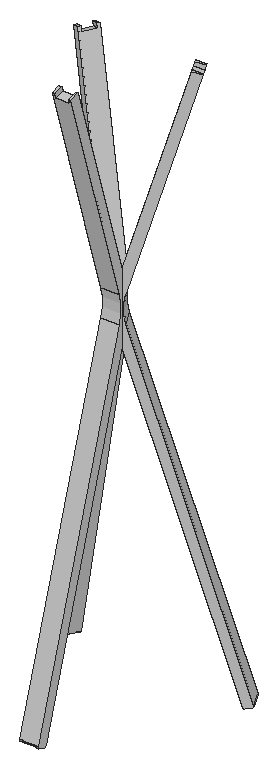
Revit family "Magnuson-HJW_Coat_Tree-11", category Furniture, Revit 2020
Family settings
  OmniClass Number = 23.40.20.00
  OmniClass Title = General Furniture and Specialties
  Work Plane-Based = No
  Always vertical = Yes
  Cut with Voids When Loaded = No
  Shared = No
  Room Calculation Point = No
Parameters (values of type "HJW")
  Width = 22 1/16"
  URL = "www.magnusongroup.com"
  Type Comments = "HJW"  # constant formula
  Salvage or Reuse = yes
  Rod Finish = MAG - Textured painted steel
  Revit Model Built By = "https://servex-us.com/servex-revit/"
  Product Documentation Link = "https://magnusongroup.com/products/coattrees.html"
  Percentage of Recycled Content = 0
  Model = "HJW"
  Manufacturer = "Magnuson Group"  # constant formula
  Low Emitting Material = yes
  Low Emitting Finish = yes
  Keynote = "12500"
  Height = 62 31/32"
  Description = "Textured painted steel coat tree"
  Depth = 19 1/8"
  Default Elevation = 0"
  Assembly Code = "E2020200"
Reference planes (in)
  plane 1 "Center Front/Back": y = 0
  plane 2: z = 0
  plane 3 "Center Left/Right": x = 0
  plane 4: y = 9.56196
  plane 5: y = -9.56196
  plane 6: x = -11.03173
  plane 7: x = 11.03173
  plane 8: z = 62.96702
Forms (in)
  Extrusion 1, solid, material "MAG - Textured painted steel" <- "Rod Finish"
    sketch origin (-0.03672, -2.78331, 0) x (0, 1, 0) y (0, 0, 1)
      loop
        line (-1.21968, 62.50877) -> (-2.16701, 62.22125) -> (4.45245, 40.41134)
        arc (4.45245, 40.41134) -> (4.67582, 38.90654) -> (4.45261, 37.40171) r 5.18234
        line (4.45261, 37.40171) -> (-6.77284, 0.40179)
        arc (-6.77284, 0.40179) -> (-6.76112, 0.28277) -> (-6.66868, 0.2069) r 0.15625
        line (-6.66868, 0.2069) -> (-6.02034, 0.01022)
        arc (-6.02034, 0.01022) -> (-5.90133, 0.02194) -> (-5.82546, 0.11438) r 0.15625
        line (-5.82546, 0.11438) -> (5.30504, 36.80133)
        arc (5.30504, 36.80133) -> (5.6173, 38.90656) -> (5.30481, 41.01176) r 7.25
        line (5.30481, 41.01176) -> (-1.21968, 62.50877)
    from -0.9898 to 1.06324
  Extrusion 2, solid, material "MAG - Textured painted steel" <- "Rod Finish"
    sketch origin (-4.62883, 5.29766, 0) x (0.866025, -0.5, 0) y (0, 0, 1)
      loop
        line (-1.21968, 62.50877) -> (-2.16701, 62.22125) -> (4.45245, 40.41134)
        arc (4.45245, 40.41134) -> (4.67582, 38.90654) -> (4.45261, 37.40171) r 5.18234
        line (4.45261, 37.40171) -> (-6.77284, 0.40179)
        arc (-6.77284, 0.40179) -> (-6.76112, 0.28277) -> (-6.66868, 0.2069) r 0.15625
        line (-6.66868, 0.2069) -> (-6.02034, 0.01022)
        arc (-6.02034, 0.01022) -> (-5.90133, 0.02194) -> (-5.82546, 0.11438) r 0.15625
        line (-5.82546, 0.11438) -> (5.30504, 36.80133)
        arc (5.30504, 36.80133) -> (5.6173, 38.90656) -> (5.30481, 41.01176) r 7.25
        line (5.30481, 41.01176) -> (-1.21968, 62.50877)
    from -0.9898 to 1.06324
  Extrusion 3, solid, material "MAG - Textured painted steel" <- "Rod Finish"
    sketch origin (4.62883, 5.29766, 0) x (-0.866025, -0.5, 0) y (0, 0, -1)
      loop
        line (-1.21968, -62.50877) -> (5.30481, -41.01176)
        arc (5.30481, -41.01176) -> (5.6173, -38.90656) -> (5.30504, -36.80133) r 7.25
        line (5.30504, -36.80133) -> (-5.82546, -0.11438)
        arc (-5.82546, -0.11438) -> (-5.90133, -0.02194) -> (-6.02034, -0.01022) r 0.15625
        line (-6.02034, -0.01022) -> (-6.66868, -0.2069)
        arc (-6.66868, -0.2069) -> (-6.76112, -0.28277) -> (-6.77284, -0.40179) r 0.15625
        line (-6.77284, -0.40179) -> (4.45261, -37.40171)
        arc (4.45261, -37.40171) -> (4.67582, -38.90654) -> (4.45245, -40.41134) r 5.18234
        line (4.45245, -40.41134) -> (-2.16701, -62.22125) -> (-1.21968, -62.50877)
    from -0.9898 to 1.06324
  Extrusion 4, void
    sketch origin (-0.02407, 0, 0) x (0, 1, 0) y (0, 0, 1)
      loop
        line (1.72894, 40.42949) -> (1.49884, 41.18765) -> (0, 41.18765) -> (0, 36.62542) -> (1.49909, 36.62542) -> (1.72911, 37.38356)
        arc (1.72911, 37.38356) -> (1.95501, 38.90654) -> (1.72894, 40.42949) r 5.24484
    from -1.35093 to 1.39907
  Extrusion 5, void
    sketch origin (-2.22474, 3.89506, 0) x (0.866025, -0.5, 0) y (0, 0, 1)
      loop
        line (1.72894, 40.42949) -> (1.49884, 41.18765) -> (0, 41.18765) -> (0, 36.62542) -> (1.49909, 36.62542) -> (1.72911, 37.38356)
        arc (1.72911, 37.38356) -> (1.95501, 38.90654) -> (1.72894, 40.42949) r 5.24484
    from -1.35093 to 1.39907
  Extrusion 6, void
    sketch origin (2.22474, 3.89506, 0) x (-0.866025, -0.5, 0) y (0, 0, -1)
      loop
        arc (1.72894, -40.42949) -> (1.95501, -38.90654) -> (1.72911, -37.38356) r 5.24484
        line (1.72911, -37.38356) -> (1.49909, -36.62542) -> (0, -36.62542) -> (0, -41.18765) -> (1.49884, -41.18765) -> (1.72894, -40.42949)
    from -1.35093 to 1.39907
  Extrusion 7, solid, material "MAG - Textured painted steel" <- "Rod Finish"
    sketch origin (0, 0, 0) x (0, 1, 0) y (0, 0, 1)
      loop
        line (-4.00299, 62.50877) -> (-4.14207, 62.96702) -> (-5.0894, 62.6795) -> (-4.95032, 62.22125) -> (-4.00299, 62.50877)
    from -1.02652 to -0.7696
  Extrusion 8, solid, material "MAG - Textured painted steel" <- "Rod Finish"
    sketch origin (0, 0, 0) x (0, 1, 0) y (0, 0, -1)
      loop
        line (-4.00299, -62.50877) -> (-4.95032, -62.22125) -> (-5.0894, -62.6795) -> (-4.14207, -62.96702) -> (-4.00299, -62.50877)
    from -1.02652 to -0.7696
  Extrusion 9, solid, material "MAG - Textured painted steel" <- "Rod Finish"
    sketch origin (-2.23677, 3.87421, 0) x (0.866025, -0.5, 0) y (0, 0, 1)
      loop
        line (-4.00299, 62.50877) -> (-4.14207, 62.96702) -> (-5.0894, 62.6795) -> (-4.95032, 62.22125) -> (-4.00299, 62.50877)
    from -1.02652 to -0.7696
  Extrusion 10, solid, material "MAG - Textured painted steel" <- "Rod Finish"
    sketch origin (-2.23677, 3.87421, 0) x (0.866025, -0.5, 0) y (0, 0, -1)
      loop
        line (-4.00299, -62.50877) -> (-4.95032, -62.22125) -> (-5.0894, -62.6795) -> (-4.14207, -62.96702) -> (-4.00299, -62.50877)
    from -1.02652 to -0.7696
  Extrusion 11, solid, material "MAG - Textured painted steel" <- "Rod Finish"
    sketch origin (2.23677, 3.87421, 0) x (-0.866025, -0.5, 0) y (0, 0, -1)
      loop
        line (-4.00299, -62.50877) -> (-4.95032, -62.22125) -> (-5.0894, -62.6795) -> (-4.14207, -62.96702) -> (-4.00299, -62.50877)
    from -1.02652 to -0.7696
  Extrusion 12, solid, material "MAG - Textured painted steel" <- "Rod Finish"
    sketch origin (2.23677, 3.87421, 0) x (-0.866025, -0.5, 0) y (0, 0, 1)
      loop
        line (-4.00299, 62.50877) -> (-4.14207, 62.96702) -> (-5.0894, 62.6795) -> (-4.95032, 62.22125) -> (-4.00299, 62.50877)
    from -1.02652 to -0.7696
Cuts and joins
  Extrusion 5, Extrusion 6 cuts Extrusion 1
  Extrusion 4, Extrusion 6 cuts Extrusion 2
  Extrusion 4, Extrusion 5 cuts Extrusion 3
  joined: Extrusion 1, Extrusion 2, Extrusion 3, Extrusion 7, Extrusion 8, Extrusion 9, Extrusion 10, Extrusion 11, Extrusion 12
Lines and regions (in)
  symbolic lines
    curve 1: line (-1.02652, -9.56196, 0) -> (-1.02652, 1.99014, 0)
    curve 2: line (1.02652, -9.56196, 0) -> (1.02652, 1.99014, 0)
    curve 3: line (-1.02652, -9.56196, 0) -> (1.02652, -9.56196, 0)
    curve 4: line (-1.02652, -4.14207, 0) -> (-0.7696, -4.14207, 0)
    curve 5: line (-1.02652, -5.0894, 0) -> (-0.7696, -5.0894, 0)
    curve 6: line (-0.7696, -5.0894, 0) -> (-0.7696, -4.00299, 0)
    curve 7: line (-0.7696, -4.00299, 0) -> (0.7696, -4.00299, 0)
    curve 8: line (-0.7696, -4.95032, 0) -> (0.7696, -4.95032, 0)
    curve 9: line (0.7696, -4.14207, 0) -> (1.02652, -4.14207, 0)
    curve 10: line (0.7696, -5.0894, 0) -> (1.02652, -5.0894, 0)
    curve 11: line (0.7696, -5.0894, 0) -> (0.7696, -4.00299, 0)
    curve 12: line (-10.00441, 9.54418, 0) -> (0, 3.76813, 0)
    curve 13: line (-11.03093, 7.76619, 0) -> (-1.02652, 1.99014, 0)
    curve 14: line (-10.00441, 9.54418, 0) -> (-11.03093, 7.76619, 0)
    curve 15: line (-5.31065, 6.83423, 0) -> (-5.43912, 6.61173, 0)
    curve 16: line (-6.13106, 7.3079, 0) -> (-6.25953, 7.0854, 0)
    curve 17: line (-6.25953, 7.0854, 0) -> (-5.31867, 6.54219, 0)
    curve 18: line (-5.31867, 6.54219, 0) -> (-6.08826, 5.20921, 0)
    curve 19: line (-6.13908, 7.01586, 0) -> (-6.90867, 5.68288, 0)
    curve 20: line (-6.20871, 5.27875, 0) -> (-6.33717, 5.05625, 0)
    curve 21: line (-7.02912, 5.75242, 0) -> (-7.15758, 5.52991, 0)
    curve 22: line (-7.02912, 5.75242, 0) -> (-6.08826, 5.20921, 0)
    curve 23: line (10.00441, 9.54418, 0) -> (0, 3.76813, 0)
    curve 24: line (11.03093, 7.76619, 0) -> (1.02652, 1.99014, 0)
    curve 25: line (10.00441, 9.54418, 0) -> (11.03093, 7.76619, 0)
    curve 26: line (5.31065, 6.83423, 0) -> (5.43912, 6.61173, 0)
    curve 27: line (6.13106, 7.3079, 0) -> (6.25953, 7.0854, 0)
    curve 28: line (6.25953, 7.0854, 0) -> (5.31867, 6.54219, 0)
    curve 29: line (5.31867, 6.54219, 0) -> (6.08826, 5.20921, 0)
    curve 30: line (6.13908, 7.01586, 0) -> (6.90867, 5.68288, 0)
    curve 31: line (6.20871, 5.27875, 0) -> (6.33717, 5.05625, 0)
    curve 32: line (7.02912, 5.75242, 0) -> (7.15758, 5.52991, 0)
    curve 33: line (7.02912, 5.75242, 0) -> (6.08826, 5.20921, 0)
    curve 34: line (0, 3.76813, 0) -> (-1.02652, 1.99014, 0)
    curve 35: line (1.02652, 1.99014, 0) -> (0, 3.76813, 0)
    curve 36: line (1.02652, 1.99014, 0) -> (-1.02652, 1.99014, 0)
Dimensions and locks (in)
  equal spacing: plane 6, plane 3 "Center Left/Right", plane 7
  plane 6 to plane 7 = 22.06346"
  equal spacing: plane 4, plane 1 "Center Front/Back", plane 5
  plane 4 to plane 5 = 19.12391"
  plane 8 to plane 2 = 62.96702"
  aligned and locked: level to plane 2
Automatic sketch dimensions
  plane 5 to Extrusion 1 sketch curve = 0.0058"
  plane 5 to Extrusion 1 sketch curve = 0.10996"
  plane 5 to Extrusion 1 sketch curve = 0.15532"
  level to Extrusion 1 sketch curve = 0.01022"
  Extrusion 1 sketch curve to Extrusion 1 sketch curve = 0.64834"
  Extrusion 1 sketch curve to Extrusion 1 sketch curve = 0.04536"
  level to Extrusion 1 sketch curve = 0.11438"
  Extrusion 1 sketch curve to Extrusion 1 sketch curve = 0.14952"  (x2)
  plane 5 to Extrusion 1 sketch curve = 4.61164"
  plane 1 "Center Front/Back" to Extrusion 1 sketch curve = 4.41601"
  Extrusion 1 sketch curve to Extrusion 1 sketch curve = 0.94733"
  Extrusion 1 sketch curve to Extrusion 1 sketch curve = 1.12618"
  Extrusion 1 sketch curve to plane 1 "Center Front/Back" = 1.66914"
  Extrusion 1 sketch curve to plane 1 "Center Front/Back" = 1.6693"
  Extrusion 1 sketch curve to Extrusion 1 sketch curve = 0.85236"
  Extrusion 1 sketch curve to Extrusion 1 sketch curve = 0.85243"
  level to Extrusion 1 sketch curve = 0.2069"
  level to Extrusion 1 sketch curve = 36.80133"
  Extrusion 1 sketch curve to Extrusion 1 sketch curve = 0.60038"
  Extrusion 1 sketch curve to Extrusion 1 sketch curve = 1.50447"
  Extrusion 1 sketch curve to Extrusion 1 sketch curve = 0.00009"
  level to Extrusion 2 sketch curve = 0.40179"
  level to Extrusion 2 sketch curve = 0.2069"
  Extrusion 2 sketch curve to Extrusion 2 sketch curve = 0.10416"
  Extrusion 2 sketch curve to Extrusion 2 sketch curve = 0.04536"  (x2)
  level to Extrusion 2 sketch curve = 0.01022"
  Extrusion 2 sketch curve to Extrusion 2 sketch curve = 0.64834"
  level to Extrusion 2 sketch curve = 0.11438"
  Extrusion 2 sketch curve to Extrusion 2 sketch curve = 0.14952"
  level to Extrusion 2 sketch curve = 62.22125"
  Extrusion 2 sketch curve to Extrusion 2 sketch curve = 4.60583"
  Extrusion 2 sketch curve to Extrusion 2 sketch curve = 0.53431"
  level to Extrusion 2 sketch curve = 62.50877"
  Extrusion 2 sketch curve to Extrusion 2 sketch curve = 0.94733"
  Extrusion 2 sketch curve to Extrusion 2 sketch curve = 1.12618"
  level to Extrusion 2 sketch curve = 40.41134"
  level to Extrusion 2 sketch curve = 37.40171"
  Extrusion 2 sketch curve to Extrusion 2 sketch curve = 0.00016"
  level to Extrusion 2 sketch curve = 41.01176"
  level to Extrusion 2 sketch curve = 36.80133"
  Extrusion 2 sketch curve to Extrusion 2 sketch curve = 0.85243"
  level to Extrusion 3 sketch curve = 0.40179"
  level to Extrusion 3 sketch curve = 0.2069"
  Extrusion 3 sketch curve to Extrusion 3 sketch curve = 0.10416"
  Extrusion 3 sketch curve to Extrusion 3 sketch curve = 0.04536"  (x2)
  level to Extrusion 3 sketch curve = 0.01022"
  Extrusion 3 sketch curve to Extrusion 3 sketch curve = 0.64834"
  level to Extrusion 3 sketch curve = 0.11438"
  Extrusion 3 sketch curve to Extrusion 3 sketch curve = 0.14952"
  level to Extrusion 3 sketch curve = 62.22125"
  Extrusion 3 sketch curve to Extrusion 3 sketch curve = 4.60583"
  Extrusion 3 sketch curve to Extrusion 3 sketch curve = 0.53431"
  level to Extrusion 3 sketch curve = 62.50877"
  Extrusion 3 sketch curve to Extrusion 3 sketch curve = 0.94733"
  Extrusion 3 sketch curve to Extrusion 3 sketch curve = 1.12618"
  level to Extrusion 3 sketch curve = 40.41134"
  level to Extrusion 3 sketch curve = 37.40171"
  Extrusion 3 sketch curve to Extrusion 3 sketch curve = 0.00016"
  level to Extrusion 3 sketch curve = 41.01176"
  level to Extrusion 3 sketch curve = 36.80133"
  Extrusion 3 sketch curve to Extrusion 3 sketch curve = 0.85243"
  Extrusion 4 sketch curve to plane 1 "Center Front/Back" = 0"
  plane 1 "Center Front/Back" to Extrusion 4 sketch curve = 3.28983"
  Extrusion 4 sketch curve to plane 1 "Center Front/Back" = 1.49884"
  Extrusion 4 sketch curve to plane 1 "Center Front/Back" = 1.49909"
  Extrusion 4 sketch curve to Extrusion 4 sketch curve = 0.23011"
  Extrusion 4 sketch curve to Extrusion 4 sketch curve = 0.23001"
  level to Extrusion 4 sketch curve = 36.62542"
  Extrusion 4 sketch curve to Extrusion 4 sketch curve = 0.75814"
  Extrusion 4 sketch curve to Extrusion 4 sketch curve = 2.28084"
  Extrusion 4 sketch curve to Extrusion 4 sketch curve = 0.75816"
  level to Extrusion 5 sketch curve = 38 29/32"
  Extrusion 5 sketch curve to Extrusion 5 sketch curve = 3.28983"
  Extrusion 5 sketch curve to Extrusion 5 sketch curve = 1.49884"
  Extrusion 5 sketch curve to Extrusion 5 sketch curve = 1.49909"
  level to Extrusion 5 sketch curve = 40.42949"
  Extrusion 5 sketch curve to Extrusion 5 sketch curve = 0.23011"
  level to Extrusion 5 sketch curve = 37.38356"
  Extrusion 5 sketch curve to Extrusion 5 sketch curve = 0.75814"
  Extrusion 5 sketch curve to Extrusion 5 sketch curve = 0.75816"
  level to Extrusion 6 sketch curve = 38 29/32"
  Extrusion 6 sketch curve to Extrusion 6 sketch curve = 3.28983"
  Extrusion 6 sketch curve to Extrusion 6 sketch curve = 1.49884"
  Extrusion 6 sketch curve to Extrusion 6 sketch curve = 1.49909"
  level to Extrusion 6 sketch curve = 40.42949"
  Extrusion 6 sketch curve to Extrusion 6 sketch curve = 0.23011"
  level to Extrusion 6 sketch curve = 37.38356"
  Extrusion 6 sketch curve to Extrusion 6 sketch curve = 0.75816"
  Extrusion 6 sketch curve to Extrusion 6 sketch curve = 0.75814"
  plane 5 to Extrusion 7 sketch curve = 4.47256"
  Extrusion 7 sketch curve to Extrusion 7 sketch curve = 0.13908"
  Extrusion 7 sketch curve to Extrusion 7 sketch curve = 0.94733"
  level to Extrusion 7 sketch curve = 62.22125"
  Extrusion 7 sketch curve to Extrusion 7 sketch curve = 0.28752"
  plane 5 to Extrusion 8 sketch curve = 4.47256"
  Extrusion 8 sketch curve to Extrusion 8 sketch curve = 0.13908"
  Extrusion 8 sketch curve to Extrusion 8 sketch curve = 0.94733"
  level to Extrusion 8 sketch curve = 62.96702"
  Extrusion 8 sketch curve to Extrusion 8 sketch curve = 0.28752"
  level to Extrusion 9 sketch curve = 62.6795"
  level to Extrusion 9 sketch curve = 62.22125"
  Extrusion 9 sketch curve to Extrusion 9 sketch curve = 0.13908"
  level to Extrusion 9 sketch curve = 62.96702"
  level to Extrusion 10 sketch curve = 62.6795"
  level to Extrusion 10 sketch curve = 62.22125"
  Extrusion 10 sketch curve to Extrusion 10 sketch curve = 0.13908"
  level to Extrusion 10 sketch curve = 62.96702"
  level to Extrusion 11 sketch curve = 62.6795"
  level to Extrusion 11 sketch curve = 62.22125"
  Extrusion 11 sketch curve to Extrusion 11 sketch curve = 0.13908"
  level to Extrusion 11 sketch curve = 62.96702"
  level to Extrusion 12 sketch curve = 62.6795"
  level to Extrusion 12 sketch curve = 62.22125"
  Extrusion 12 sketch curve to Extrusion 12 sketch curve = 0.13908"
  level to Extrusion 12 sketch curve = 62.96702"
  curve 3 to plane 5 = 0"
  curve 34 to plane 3 "Center Left/Right" = 0"
  curve 7 to plane 3 "Center Left/Right" = 0.7696"
  curve 1 to plane 3 "Center Left/Right" = 1.02652"
  curve 18 to plane 3 "Center Left/Right" = 5.31867"
  curve 22 to curve 17 = 0.7696"
  curve 17 to plane 4 = 2 61/128"
  curve 17 to curve 17 = 0.94086"
  curve 21 to curve 18 = 0.94086"
  curve 14 to plane 4 = 0.01778"
  plane 6 to curve 14 = 1.02732"
  plane 3 "Center Left/Right" to curve 7 = 0.7696"
  plane 3 "Center Left/Right" to curve 3 = 1.02652"
  plane 3 "Center Left/Right" to curve 29 = 5.31867"
  curve 28 to curve 29 = 0.7696"
  curve 28 to plane 4 = 2 61/128"
  curve 28 to curve 28 = 0.94086"
  curve 29 to curve 32 = 0.94086"
  curve 23 to plane 4 = 0.01778"
  plane 5 to curve 11 = 4.47256"
  curve 6 to curve 10 = 0"
  curve 5 to curve 6 = 1.08641"
  curve 1 to plane 1 "Center Front/Back" = 1.99014"
  curve 15 to plane 4 = 2.72772"
  curve 19 to plane 4 = 2.5461"
  curve 20 to plane 4 = 4.2832"
  curve 26 to plane 4 = 2.72772"
  curve 30 to plane 4 = 2.5461"
  curve 31 to plane 4 = 4.2832"
  curve 10 to curve 8 = 0.13908"
  curve 9 to curve 7 = 0.13908"
  curve 4 to curve 6 = 0.13908"
